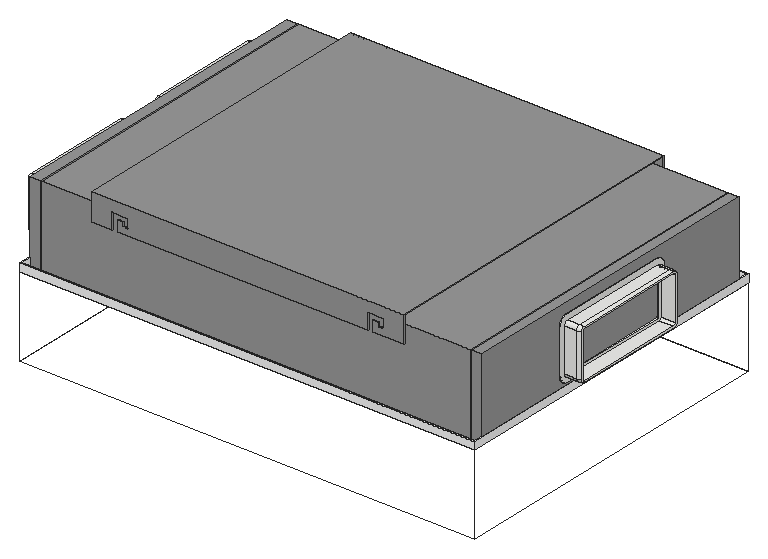
Revit family "IAQBOX-D_double_spigot2", category Duct Accessories, Revit 2015
Parameters (values of type "IAQBOX-D")
  Width = 644.8 mm
  Weight = 15.80 kg  # constant formula
  Unit Description = "Indoor Air Quality Box, Double Width"
  Type Comments = "1"
  Supplier Part No = Nuaire Model No  # "IAQBOX-D"
  OmniClass Title = "Fans"  # constant formula
  OmniClass Number = "23-33 31 19"  # constant formula
  Nuaire Model No = "IAQBOX-D"
  Manufacturer Name = "Nuaire"  # constant formula
  Location [instance] = ""
  Length = 857.81 mm
  IFCExportAs = "IfcFanType"  # constant formula
  I&M Manual = "http://nuaire.info/IandM/671811.pdf"
  Height = 152.023 mm
  Pre-Filter Grade = "None"
  Duct Connection Width = 220 mm
  Duct Connection Height = 90 mm
  Classification.Uniclass.Pr.Number = "Pr_65_67_29"  # constant formula
  Classification.Uniclass.Pr.Description = "Fans"  # constant formula
  Catalogue Pages = "http://www.nuaire.info/catalogue/Q-Aire-IAQBOX.pdf"
  Show Access Clearance [instance] = yes
  Model Drawn by = "Michael Grote"  # constant formula
  Maximum Ambient Temperature = 40 °C
  URL = "http://www.nuaire.co.uk"
  Warranty Period = "5 Years"
  Weatherproof or Internal Only = "Internal"
  Manufacturer = Manufacturer Name  # "Nuaire"
  Description = Unit Description  # "Indoor Air Quality Box, Double Width"
  Address = "Western Industrial Estate, Caerphilly, UK"  # constant formula
  Postcode = "CF83 1NA"  # constant formula
  Telephone Number = "+44(0)2920-858-200"  # constant formula
  Fax Number = "+44(0)2920-858-222"  # constant formula
  Email Address = "info@nuaire.co.uk"  # constant formula
  VAT Registration Number = "877308"  # constant formula
  Model = Nuaire Model No  # "IAQBOX-D"
Types (3, lengths in mm): name | Unit Description | Supplier Part No | Nuaire Model No | Height | Pre-Filter Grade | Description | Model
  IAQBOX-D | "Indoor Air Quality Box, Double Width" | "IAQBOX-D" | "IAQBOX-D" | 152.023 | "None" | "Indoor Air Quality Box, Double Width" | "IAQBOX-D"
  IAQBOX-D-PM10 | "Indoor Air Quality Box, Double Width with pre-Filter" | "IAQBOX-D-PM10" | "IAQBOX-D-PM10" | 151.75 | "PM10 (G4)" | "Indoor Air Quality Box, Double Width with pre-Filter" | "IAQBOX-D-PM10"
  IAQBOX-D-PM2.5 | "Indoor Air Quality Box, Double Width with pre-Filter" | "IAQBOX-D-PM2.5" | "IAQBOX-D-PM2.5" | 151.75 | "PM2.5 (F7)" | "Indoor Air Quality Box, Double Width with pre-Filter" | "IAQBOX-D-PM2.5"
Reference planes
  plane 1 "Center (Front/Back)": y = 0
  plane 2: z = 0
  plane 3 "Center (Left/Right)": x = 0
  plane 4: x = 428.905
  plane 5: x = -428.905
  plane 6: y = 322.4
  plane 7: y = -322.4
  plane 8 "Top of Unit": z = 152.023
  plane 9 "Ceiling Level": z = 170
  plane 10: z = 77.55
Forms (mm)
  Extrusion 1, solid, material "White Panels", detail levels medium+fine
    sketch origin (0, 0, 0) x (1, 0, 0) y (0, 1, 0)
      loop
        line (-428.905, 322.4) -> (-428.905, -322.4) -> (428.905, -322.4) -> (428.905, 322.4) -> (-428.905, 322.4)
    from 0 to 14
  Extrusion 2, solid, material "Steel, Galvanized"
    sketch origin (0, 0, 0) x (1, 0, 0) y (0, 1, 0)
      loop
        line (-405.655, 302.05) -> (-426.385, 302.05) -> (-426.385, -302.05) -> (-405.655, -302.05) -> (-405.655, 302.05)
    from 1.65 to 152.023
  Extrusion 3, solid, material "Steel, Galvanized", detail levels medium+fine
    sketch origin (0, 0, 0) x (0, 1, 0) y (0, 0, 1)
      loop
        line (304.83, 168.5) -> (304.83, 119.99) -> (306.329, 119.99) -> (306.329, 170) -> (-306.329, 170) -> (-306.329, 119.99) -> (-304.83, 119.99) -> (-304.83, 168.5) -> (304.83, 168.5)
    from -307.745 to 282.255
  Extrusion 4, solid, material "Steel, Galvanized"
    sketch origin (831.805, 0, 0) x (1, 0, 0) y (0, 1, 0)
      loop
        line (-405.43, 302.05) -> (-426.16, 302.05) -> (-426.16, -302.05) -> (-405.43, -302.05) -> (-405.43, 302.05)
    from 1.65 to 152.023
  Extrusion 5, solid, material "Steel, Galvanized"
    sketch origin (811.071, 0, 0) x (1, 0, 0) y (0, 1, 0)
      loop
        line (-405.426, 302.05) -> (-1216.726, 302.05) -> (-1216.726, -302.05) -> (-405.426, -302.05) -> (-405.426, 302.05)
    from 1.65 to 152.023
  Extrusion 6, void
    sketch origin (0, 0, 0) x (1, 0, 0) y (0, 0, 1)
      loop
        line (-268.255, 149.988) -> (-268.255, 119.99) -> (-258.255, 119.99) -> (-258.255, 140.013) -> (-247.995, 140.013) -> (-247.995, 133.033) -> (-237.995, 133.033) -> (-237.995, 149.988) -> (-268.255, 149.988)
      loop
        line (213.745, 149.988) -> (213.745, 119.99) -> (223.745, 119.99) -> (223.745, 140.013) -> (234.005, 140.013) -> (234.005, 133.033) -> (244.005, 133.033) -> (244.005, 149.988) -> (213.745, 149.988)
    from -341.679 to 343.801
  Extrusion 7, void
    sketch origin (0, 0, 0) x (1, 0, 0) y (0, 1, 0)
      loop
        line (-427.275, 320.75) -> (-427.275, -320.75) -> (427.25, -320.75) -> (427.25, 320.75) -> (-427.275, 320.75)
    from 1.65 to 14
  Extrusion 8, solid, material "White Panels", detail levels coarse
    sketch origin (0, 0, 0) x (1, 0, 0) y (0, 1, 0)
      loop
        line (-428.905, 322.4) -> (-428.905, -322.4) -> (428.905, -322.4) -> (428.905, 322.4) -> (-428.905, 322.4)
    from 0 to 14
  Extrusion 9, solid, material "Steel, Galvanized", detail levels coarse
    sketch origin (0, 0, 0) x (0, 1, 0) y (0, 0, 1)
      loop
        line (304.329, 168.5) -> (304.329, 119.99) -> (305.829, 119.99) -> (305.829, 170) -> (-305.829, 170) -> (-305.829, 119.99) -> (-304.329, 119.99) -> (-304.329, 168.5) -> (304.329, 168.5)
    from -307.745 to 282.255
  Extrusion 10, solid, material "Access Clearance", visible <- "Show Access Clearance"
    sketch origin (0, 0, 0) x (1, 0, 0) y (0, 1, 0)
      loop
        line (-428.905, 322.4) -> (-428.905, -322.4) -> (428.905, -322.4) -> (428.905, 322.4) -> (-428.905, 322.4)
    from 0 to -151.8
Cuts and joins
  Extrusion 6, Extrusion 7 cuts Extrusion 3
  Extrusion 7 cuts Extrusion 1
Dimensions and locks
  equal spacing: plane 5, plane 3 "Center (Left/Right)", plane 4
  "Length": plane 5 to plane 4
  equal spacing: plane 6, plane 1 "Center (Front/Back)", plane 7
  "Width": plane 6 to plane 7
  "Height": plane 8 "Top of Unit" to plane 2
  aligned and locked: level to plane 2
  aligned and locked: Extrusion 1 sketch curve to plane 6
  aligned and locked: Extrusion 1 sketch curve to plane 5
  aligned and locked: Extrusion 1 sketch curve to plane 7
  aligned and locked: Extrusion 1 sketch curve to plane 4
  aligned and locked: Extrusion 10 sketch curve to plane 6
  aligned and locked: Extrusion 10 sketch curve to plane 5
  aligned and locked: Extrusion 10 sketch curve to plane 7
  aligned and locked: Extrusion 10 sketch curve to plane 4
Automatic sketch dimensions
  Extrusion 2 sketch curve to plane 5 = 2.52 mm
  Extrusion 2 sketch curve to plane 7 = 20.35 mm
  Extrusion 2 sketch curve to Extrusion 2 sketch curve = 20.73 mm
  Extrusion 2 sketch curve to plane 6 = 20.35 mm
  Extrusion 3 sketch curve to plane 9 "Ceiling Level" = 0 mm
  Extrusion 3 sketch curve to plane 7 = 16.071 mm
  Extrusion 3 sketch curve to plane 8 "Top of Unit" = 32.032 mm  (x2)
  Extrusion 3 sketch curve to Extrusion 3 sketch curve = 1.5 mm  (x2)
  Extrusion 3 sketch curve to plane 9 "Ceiling Level" = 1.5 mm
  Extrusion 3 sketch curve to plane 6 = 17.57 mm
  Extrusion 4 sketch curve to plane 4 = 23.26 mm
  Extrusion 4 sketch curve to plane 4 = 2.53 mm
  Extrusion 4 sketch curve to plane 7 = 20.35 mm
  Extrusion 4 sketch curve to plane 6 = 20.35 mm
  Extrusion 5 sketch curve to plane 5 = 23.25 mm
  Extrusion 5 sketch curve to plane 7 = 20.35 mm
  Extrusion 5 sketch curve to plane 4 = 23.26 mm
  Extrusion 5 sketch curve to plane 6 = 20.35 mm
  Extrusion 6 sketch curve to plane 8 "Top of Unit" = 32.032 mm  (x2)
  Extrusion 6 sketch curve to plane 5 = 160.65 mm
  Extrusion 6 sketch curve to Extrusion 6 sketch curve = 10 mm  (x4)
  Extrusion 6 sketch curve to Extrusion 6 sketch curve = 10.26 mm  (x2)
  Extrusion 6 sketch curve to plane 8 "Top of Unit" = 2.035 mm  (x2)
  plane 3 "Center (Left/Right)" to Extrusion 6 sketch curve = 213.745 mm
  Extrusion 6 sketch curve to Extrusion 6 sketch curve = 13.043 mm
  Extrusion 6 sketch curve to plane 8 "Top of Unit" = 18.99 mm
  Extrusion 6 sketch curve to Extrusion 6 sketch curve = 6.981 mm  (x2)
  Extrusion 7 sketch curve to plane 5 = 1.63 mm
  Extrusion 7 sketch curve to plane 7 = 1.65 mm
  Extrusion 7 sketch curve to plane 4 = 1.655 mm
  Extrusion 7 sketch curve to plane 6 = 1.65 mm
  Extrusion 8 sketch curve to plane 5 = 0 mm
  Extrusion 8 sketch curve to plane 4 = 0 mm
  plane 7 to Extrusion 8 sketch curve = 0 mm
  Extrusion 8 sketch curve to plane 6 = 0 mm
  Extrusion 9 sketch curve to plane 9 "Ceiling Level" = 0 mm
  Extrusion 9 sketch curve to plane 7 = 16.571 mm
  Extrusion 9 sketch curve to plane 8 "Top of Unit" = 32.032 mm  (x2)
  Extrusion 9 sketch curve to Extrusion 9 sketch curve = 1.5 mm  (x2)
  Extrusion 9 sketch curve to plane 9 "Ceiling Level" = 1.5 mm
  Extrusion 9 sketch curve to plane 6 = 18.071 mm
Nested families
  nested 1: "spigot_220x90" at (-426.385, -150, 77.55) x (0, 1, 0) z (-1, 0, 0), type "spigot_220x90"
    with Spigot yes, Blanking Plate no
  nested 2: "spigot_220x90" at (426.375, 0, 77.55) x (0, -1, 0) z (1, 0, 0), type "spigot_220x90"
    with Spigot yes, Blanking Plate no
  nested 3: "label_nuaire_logo" at (0, 85, 170), type "label_nuaire_logo"
    with Scale Factor 452 mm, Actual Scale 158.2 mm
  nested 4: "label_arrow_airflow" at (10.055, -60, 170), type "label_arrow_airflow"
    with Size 167.7 mm, Scale 0.3 mm, Left Arrow yes
  nested 5: "spigot_220x90" at (-426.385, 150, 77.55) x (0, -1, 0) z (-1, 0, 0), type "spigot_220x90"
    with Spigot yes, Blanking Plate no
Connectors
  hvac at (-433.385, -150, 77.55), driven by "Duct Connection Height", driven by "Duct Connection Width"
    settings: on nested 1, index 1, duct flow 0.0 L/s, flow factor 0, pres drop 0.0 Pa, loss coef 0, conn angle 0.00°, conn width 220 mm, conn height 90 mm, conn diameter 609.6 mm, duct sys type 28, conn prof type 1, flow config 0, flow direction 0, loss method 0, conn ref index -1, conn util no, is conn primary yes, conn desc ""
  hvac at (433.375, 0, 77.55), driven by "Duct Connection Height", driven by "Duct Connection Width"
    settings: on nested 2, index 3, duct flow 0.0 L/s, flow factor 0, pres drop 0.0 Pa, loss coef 0, conn angle 0.00°, conn width 220 mm, conn height 90 mm, conn diameter 609.6 mm, duct sys type 28, conn prof type 1, flow config 0, flow direction 0, loss method 0, conn ref index -1, conn util no, is conn primary no, conn desc ""
  hvac at (-433.385, 150, 77.55), driven by "Duct Connection Height", driven by "Duct Connection Width"
    settings: on nested 5, index 4, duct flow 0.0 L/s, flow factor 0, pres drop 0.0 Pa, loss coef 0, conn angle 0.00°, conn width 220 mm, conn height 90 mm, conn diameter 609.6 mm, duct sys type 28, conn prof type 1, flow config 0, flow direction 0, loss method 0, conn ref index -1, conn util no, is conn primary no, conn desc ""
Definition of nested family "spigot_220x90"
  Parameters
    Spigot [instance] = not(Blanking Plate)  # yes
    Default Elevation = 1219.2 mm
    Blanking Plate [instance] = no
  Reference planes
    plane 1 "Center (Front/Back)": y = 0
    plane 2: z = 0
    plane 3 "Center (Left/Right)": x = 0
  Forms (mm)
    Extrusion 1, solid
      sketch origin (0, 0, 0) x (1, 0, 0) y (0, 1, 0)
        loop
          line (-1219.2, 1219.2) -> (-1219.2, -1219.2) -> (1219.2, -1219.2) -> (1219.2, 1219.2) -> (-1219.2, 1219.2)
      from 0 to -304.8
    Sweep 2, solid, visible <- "Spigot", detail levels medium+fine
      path origin (0, 0, 0) x (1, 0, 0) y (0, 1, 0)
        loop
          arc (-105.5, 57.5) -> (-117.521, 52.521) -> (-122.5, 40.5) r 17
          line (-122.5, 40.5) -> (-122.5, -40.5)
          arc (-122.5, -40.5) -> (-117.521, -52.521) -> (-105.5, -57.5) r 17
          line (-105.5, -57.5) -> (105.5, -57.5)
          arc (105.5, -57.5) -> (117.521, -52.521) -> (122.5, -40.5) r 17
          line (122.5, -40.5) -> (122.5, 40.5)
          arc (122.5, 40.5) -> (117.521, 52.521) -> (105.5, 57.5) r 17
          line (105.5, 57.5) -> (-105.5, 57.5)
      profile origin (0, 57.5, 0) x (0, 1, 0) y (0, 0, 1)
        loop
          line (-9.5, 27.5) -> (-10.624, 35.5) -> (-12.5, 35.5) -> (-12.5, 7) -> (-15.65, 7) -> (-15.65, 3.5) -> (-12.5, 3.5) -> (-12.5, 0) -> (0, 0) -> (0, 3.5) -> (-9.5, 3.5) -> (-9.5, 27.5)
    Extrusion 3, solid, visible <- "Spigot", detail levels coarse
      sketch origin (0, 0, 0) x (1, 0, 0) y (0, 1, 0)
        loop
          line (-113, 48) -> (-113, -48) -> (113, -48) -> (113, 48) -> (-113, 48)
      from 0 to 35.5
    Extrusion 4, solid, visible <- "Blanking Plate"
      sketch origin (0, 0, 0) x (1, 0, 0) y (0, 1, 0)
        loop
          line (-122.5, 57.5) -> (-122.5, -57.5) -> (122.5, -57.5) -> (122.5, 57.5) -> (-122.5, 57.5)
      from 0 to 1.5
  Dimensions and locks
    aligned and locked: plane 2 to Extrusion 1
    aligned and locked: level to Extrusion 1
Definition of nested family "label_nuaire_logo"
  Parameters
    Scale Factor [instance] = Scale * 452  # 452 mm
    Scale = 1 mm
    Actual Scale [instance] = Scale Factor * 0.35  # 158.2 mm
  Reference planes
    plane 1 "Center (Front/Back)": y = 0
    plane 2: z = 0
    plane 3 "Center (Left/Right)": x = 0
  Lines and regions (mm)
    reference lines
      curve 1: line (79.1, -32.13, 0) -> (79.1, 30, 0)
      curve 2: line (-79.1, -32.13, 0) -> (-79.1, 30, 0)
  Dimensions and locks
    equal spacing: curve 2, plane 3 "Center (Left/Right)", curve 1
    "Actual Scale": curve 2 to curve 1
    aligned and locked: level to plane 2
  Automatic sketch dimensions
    plane 1 "Center (Front/Back)" to curve 2 = 32.13 mm
    plane 1 "Center (Front/Back)" to curve 1 = 32.13 mm
    curve 2 to plane 1 "Center (Front/Back)" = 30 mm
    curve 1 to plane 1 "Center (Front/Back)" = 30 mm
  Nested families
    nested 1: "logo_stage2" at (10, 0, 0), type "logo_stage2"
  Definition of nested family "logo_stage2"
    Parameters
      Height = 452 mm
    Reference planes
      plane 1 "Center (Front/Back)": y = 0
      plane 2: z = 0
      plane 3 "Center (Left/Right)": x = 0
    Dimensions and locks
      aligned and locked: level to plane 2
    Nested families
      nested 1: "logo_stage1" at (0, 0, 0), type "logo_stage1"
    Definition of nested family "logo_stage1"
      Parameters
        Height = 1300 mm
      Reference planes
        plane 1 "Center (Front/Back)": y = 0
        plane 2: z = 0
        plane 3 "Center (Left/Right)": x = 0
      Lines and regions (mm)
        model lines
          curve 1: arc (7.927, 29.489, 0) -> (-47.363, 58.16, 0) -> (-106.604, 77.382, 0) r 378.77
          curve 2: arc (-106.604, 77.382, 0) -> (-163.216, 86.224, 0) -> (-220.277, 81.007, 0) r 233.393
          curve 3: arc (-246.965, 20.991, 0) -> (-215.043, -15.792, 0) -> (-174.42, -42.657, 0) r 179.785
          curve 4: arc (-174.42, -42.657, 0) -> (-107.072, -70.342, 0) -> (-36.955, -89.99, 0) r 623.693
          curve 5: arc (-36.955, -89.99, 0) -> (-105.996, -69.023, 0) -> (-170.812, -37.319, 0) r 451.207
          curve 6: arc (-170.812, -37.319, 0) -> (-200.304, -16.562, 0) -> (-226.197, 8.542, 0) r 230.474
          curve 7: arc (-206.815, 72.232, 0) -> (-163.659, 78.527, 0) -> (-120.226, 74.571, 0) r 185.468
          curve 8: arc (-120.226, 74.571, 0) -> (-54.126, 57.782, 0) -> (7.927, 29.489, 0) r 381.393
          curve 9: line (-161.219, -24.259, 0) -> (-141.514, -24.259, 0)
          curve 10: line (-141.514, -24.259, 0) -> (-136.798, 0, 0)
          curve 11: arc (-136.798, 0, 0) -> (-133.437, 8.115, 0) -> (-125.322, 11.477, 0) r 11.477
          curve 12: arc (-125.322, 11.477, 0) -> (-118.479, 7.762, 0) -> (-117.869, 0, 0) r 8.158
          curve 13: line (-117.869, 0, 0) -> (-122.146, -24.259, 0)
          curve 14: line (-122.146, -24.259, 0) -> (-102.441, -24.259, 0)
          curve 15: line (-102.441, -24.259, 0) -> (-97.309, 4.849, 0)
          curve 16: arc (-97.309, 4.849, 0) -> (-99.379, 18.095, 0) -> (-110.885, 24.977, 0) r 15.794
          curve 17: arc (-110.885, 24.977, 0) -> (-122.995, 23.787, 0) -> (-133.701, 18.002, 0) r 30.821
          curve 18: line (-133.701, 18.002, 0) -> (-132.598, 24.255, 0)
          curve 19: line (-161.219, -24.259, 0) -> (-152.664, 24.255, 0)
          curve 20: line (-152.664, 24.255, 0) -> (-132.598, 24.255, 0)
          curve 21: line (-80.79, 24.255, 0) -> (-86.175, -3.448, 0)
          curve 22: arc (-86.175, -3.448, 0) -> (-83.467, -16.761, 0) -> (-72.138, -24.259, 0) r 17.751
          curve 23: arc (-72.138, -24.259, 0) -> (-59.938, -25.434, 0) -> (-47.739, -24.259, 0) r 63.934
          curve 24: arc (-47.739, -24.259, 0) -> (-34.611, -17.57, 0) -> (-27.023, -4.941, 0) r 26.727
          curve 25: line (-27.023, -4.941, 0) -> (-21.348, 24.255, 0)
          curve 26: line (-21.348, 24.255, 0) -> (-41.053, 24.255, 0)
          curve 27: line (-41.053, 24.255, 0) -> (-46.093, -1.676, 0)
          curve 28: arc (-46.093, -1.676, 0) -> (-50.186, -8.91, 0) -> (-57.808, -12.224, 0) r 13.097
          curve 29: arc (-57.808, -12.224, 0) -> (-64.693, -9.158, 0) -> (-65.742, -1.695, 0) r 7.773
          curve 30: line (-65.742, -1.695, 0) -> (-61.166, 24.255, 0)
          curve 31: line (-61.166, 24.255, 0) -> (-80.79, 24.255, 0)
          curve 32: arc (31.54, 19.236, 0) -> (16.208, 25.528, 0) -> (0, 22.075, 0) r 28.07
          curve 33: arc (0, 22.075, 0) -> (-10.88, 12.774, 0) -> (-17.338, 0, 0) r 36.434
          curve 34: arc (-17.338, 0, 0) -> (-15.613, -14.796, 0) -> (-4.047, -24.183, 0) r 19.761
          curve 35: arc (-4.047, -24.183, 0) -> (10.741, -24.948, 0) -> (24.166, -18.699, 0) r 30.688
          curve 36: line (24.166, -18.699, 0) -> (23.117, -24.098, 0)
          curve 37: line (23.117, -24.098, 0) -> (43.271, -24.098, 0)
          curve 38: line (43.271, -24.098, 0) -> (51.797, 24.255, 0)
          curve 39: line (51.797, 24.255, 0) -> (32.515, 24.255, 0)
          curve 40: line (32.515, 24.255, 0) -> (31.54, 19.236, 0)
          curve 41: arc (27.176, -3.213, 0) -> (27.314, 5.536, 0) -> (19.984, 10.314, 0) r 9.053
          curve 42: arc (19.984, 10.314, 0) -> (10.965, 8.578, 0) -> (4.044, 2.54, 0) r 17.627
          curve 43: arc (4.044, 2.54, 0) -> (3.437, -5.353, 0) -> (9.873, -9.961, 0) r 8.063
          curve 44: arc (9.873, -9.961, 0) -> (19.716, -9.642, 0) -> (27.176, -3.213, 0) r 14.789
          curve 45: line (64.987, 24.255, 0) -> (85.001, 24.255, 0)
          curve 46: line (85.001, 24.255, 0) -> (76.475, -24.098, 0)
          curve 47: line (76.475, -24.098, 0) -> (56.461, -24.098, 0)
          curve 48: line (56.461, -24.098, 0) -> (64.987, 24.255, 0)
          curve 49: line (97.733, 24.255, 0) -> (117.438, 24.255, 0)
          curve 50: line (117.438, 24.255, 0) -> (116.079, 16.546, 0)
          curve 51: arc (116.079, 16.546, 0) -> (127.306, 23.283, 0) -> (140.3, 24.886, 0) r 31.571
          curve 52: line (140.3, 24.886, 0) -> (137.316, 7.965, 0)
          curve 53: arc (137.316, 7.965, 0) -> (129.144, 9.507, 0) -> (120.972, 7.965, 0) r 22.429
          curve 54: arc (120.972, 7.965, 0) -> (114.704, 2.976, 0) -> (112.337, -4.677, 0) r 13.585
          curve 55: line (112.337, -4.677, 0) -> (108.912, -24.098, 0)
          curve 56: line (108.912, -24.098, 0) -> (89.207, -24.098, 0)
          curve 57: line (89.207, -24.098, 0) -> (97.733, 24.255, 0)
          curve 58: arc (93.618, 47.57, 0) -> (74.854, 53.038, 0) -> (55.359, 51.64, 0) r 55.33
          curve 59: arc (93.618, 47.57, 0) -> (97.282, 41.659, 0) -> (93.618, 35.747, 0) r 6.601
          curve 60: arc (93.618, 35.747, 0) -> (84.065, 32.23, 0) -> (73.978, 30.85, 0) r 47.065
          curve 61: arc (73.978, 30.85, 0) -> (80.846, 32.41, 0) -> (86.601, 36.47, 0) r 18.116
          curve 62: arc (86.601, 36.47, 0) -> (88.036, 41.905, 0) -> (84.218, 46.03, 0) r 5.836
          curve 63: arc (84.218, 46.03, 0) -> (70.224, 51.08, 0) -> (55.359, 51.64, 0) r 48.391
          curve 64: line (157.905, -2.864, 0) -> (199.286, -2.864, 0)
          curve 65: arc (199.286, -2.864, 0) -> (197.145, 14.652, 0) -> (182.34, 24.255, 0) r 20.852
          curve 66: arc (182.34, 24.255, 0) -> (165.366, 23.801, 0) -> (149.457, 17.863, 0) r 51.614
          curve 67: arc (149.457, 17.863, 0) -> (140.348, 5.451, 0) -> (139.348, -9.912, 0) r 27.469
          curve 68: arc (139.348, -9.912, 0) -> (144.958, -19.523, 0) -> (155.103, -24.098, 0) r 18.276
          curve 69: arc (155.103, -24.098, 0) -> (178.591, -23.478, 0) -> (196.981, -8.856, 0) r 37.046
          curve 70: line (196.981, -8.856, 0) -> (178.291, -8.856, 0)
          curve 71: arc (178.291, -8.856, 0) -> (168.439, -13.819, 0) -> (158.586, -8.856, 0) r 12.261
          curve 72: arc (158.586, -8.856, 0) -> (157.442, -5.951, 0) -> (157.905, -2.864, 0) r 6.023
          curve 73: line (199.286, -2.864, 0) -> (157.905, -2.864, 0)
          curve 74: line (159.772, 7.114, 0) -> (183.418, 7.114, 0)
          curve 75: arc (183.418, 7.114, 0) -> (171.595, 14.487, 0) -> (159.772, 7.114, 0) r 13.165
          curve 76: arc (-206.815, 72.232, 0) -> (-234.166, 45.761, 0) -> (-226.197, 8.542, 0) r 39.242
          curve 77: arc (-220.277, 81.007, 0) -> (-248.829, 57.762, 0) -> (-246.965, 20.991, 0) r 40.723
      Dimensions and locks
        aligned and locked: level to plane 2
Definition of nested family "label_arrow_airflow"
  Parameters
    Scale [instance] = 1.469 mm
    Left Arrow [instance] = yes
    Size [instance] = Scale * 559  # 821 mm
  Reference planes
    plane 1 "Center (Front/Back)": y = 0
    plane 2: z = 0
    plane 3 "Center (Left/Right)": x = 0
  Lines and regions (mm)
    reference lines
      curve 1: line (-410.5, -70, 0) -> (-410.5, 80, 0)
      curve 2: line (410.5, -86.069, 0) -> (410.5, 63.931, 0)
  Dimensions and locks
    equal spacing: curve 1, plane 3 "Center (Left/Right)", curve 2
    "Size": curve 1 to curve 2
    aligned and locked: level to plane 2
  Automatic sketch dimensions
    plane 1 "Center (Front/Back)" to curve 2 = 86.069 mm
    plane 1 "Center (Front/Back)" to curve 1 = 70 mm
    curve 2 to plane 1 "Center (Front/Back)" = 63.931 mm
    curve 1 to plane 1 "Center (Front/Back)" = 80 mm
  Nested families
    nested 1: "airflow_stage2" at (-0.91, 0, 0), type "airflow_stage2"
      with Scale 0.003 mm
  Definition of nested family "airflow_stage2"
    Parameters
      Scale = 1 mm
      Left Arrow = yes
      Height = Scale * 546  # 546 mm
    Reference planes
      plane 1 "Center (Front/Back)": y = 0
      plane 2: z = 0
      plane 3 "Center (Left/Right)": x = 0
    Dimensions and locks
      aligned and locked: level to plane 2
    Nested families
      nested 1: "airflow_stage_1" at (0, 0, 0), type "airflow_stage_1"
    Definition of nested family "airflow_stage_1"
      Parameters
        Right Arrow = not(Left Arrow)  # no
        Left Arrow = yes
        Height = 1 mm
      Reference planes
        plane 1 "Center (Front/Back)": y = 0
        plane 2: z = 0
        plane 3 "Center (Left/Right)": x = 0
      Lines and regions (mm)
        model lines
          curve 1: arc (-154.862, 19.236, 0) -> (-170.193, 25.528, 0) -> (-186.401, 22.075, 0) r 28.07
          curve 2: arc (-186.401, 22.075, 0) -> (-197.282, 12.774, 0) -> (-203.74, 0, 0) r 36.434
          curve 3: arc (-203.74, 0, 0) -> (-202.014, -14.796, 0) -> (-190.448, -24.183, 0) r 19.761
          curve 4: arc (-190.448, -24.183, 0) -> (-175.66, -24.948, 0) -> (-162.235, -18.699, 0) r 30.688
          curve 5: line (-162.235, -18.699, 0) -> (-163.285, -24.098, 0)
          curve 6: line (-163.285, -24.098, 0) -> (-143.131, -24.098, 0)
          curve 7: line (-143.131, -24.098, 0) -> (-134.605, 24.255, 0)
          curve 8: line (-134.605, 24.255, 0) -> (-153.886, 24.255, 0)
          curve 9: line (-153.886, 24.255, 0) -> (-154.862, 19.236, 0)
          curve 10: arc (-159.225, -3.213, 0) -> (-159.088, 5.536, 0) -> (-166.418, 10.314, 0) r 9.053
          curve 11: arc (-166.418, 10.314, 0) -> (-175.436, 8.578, 0) -> (-182.357, 2.54, 0) r 17.627
          curve 12: arc (-182.357, 2.54, 0) -> (-182.965, -5.353, 0) -> (-176.528, -9.961, 0) r 8.063
          curve 13: arc (-176.528, -9.961, 0) -> (-166.685, -9.642, 0) -> (-159.225, -3.213, 0) r 14.789
          curve 14: line (-121.415, 24.255, 0) -> (-101.401, 24.255, 0)
          curve 15: line (-101.401, 24.255, 0) -> (-109.926, -24.098, 0)
          curve 16: line (-109.926, -24.098, 0) -> (-129.941, -24.098, 0)
          curve 17: line (-129.941, -24.098, 0) -> (-121.415, 24.255, 0)
          curve 18: line (-88.668, 24.255, 0) -> (-68.963, 24.255, 0)
          curve 19: line (-68.963, 24.255, 0) -> (-70.322, 16.546, 0)
          curve 20: arc (-70.322, 16.546, 0) -> (-59.096, 23.283, 0) -> (-46.102, 24.886, 0) r 31.571
          curve 21: line (-46.102, 24.886, 0) -> (-49.085, 7.965, 0)
          curve 22: arc (-49.085, 7.965, 0) -> (-57.257, 9.507, 0) -> (-65.429, 7.965, 0) r 22.429
          curve 23: arc (-65.429, 7.965, 0) -> (-71.698, 2.976, 0) -> (-74.065, -4.677, 0) r 13.585
          curve 24: line (-74.065, -4.677, 0) -> (-77.489, -24.098, 0)
          curve 25: line (-77.489, -24.098, 0) -> (-97.194, -24.098, 0)
          curve 26: line (-97.194, -24.098, 0) -> (-88.668, 24.255, 0)
          curve 27: arc (-92.783, 47.57, 0) -> (-111.548, 53.038, 0) -> (-131.043, 51.64, 0) r 55.33
          curve 28: arc (-92.783, 47.57, 0) -> (-89.119, 41.659, 0) -> (-92.783, 35.747, 0) r 6.601
          curve 29: arc (-92.783, 35.747, 0) -> (-102.337, 32.23, 0) -> (-112.423, 30.85, 0) r 47.065
          curve 30: arc (-112.423, 30.85, 0) -> (-105.555, 32.41, 0) -> (-99.8, 36.47, 0) r 18.116
          curve 31: arc (-99.8, 36.47, 0) -> (-98.365, 41.905, 0) -> (-102.184, 46.03, 0) r 5.836
          curve 32: arc (-102.184, 46.03, 0) -> (-116.177, 51.08, 0) -> (-131.043, 51.64, 0) r 48.391
          curve 33: line (161.919, 25.133, 0) -> (142.214, 25.133, 0)
          curve 34: line (142.214, 25.133, 0) -> (137.499, 0.874, 0)
          curve 35: arc (137.499, 0.874, 0) -> (134.137, -7.241, 0) -> (126.022, -10.602, 0) r 11.477
          curve 36: arc (126.022, -10.602, 0) -> (119.18, -6.887, 0) -> (118.569, 0.874, 0) r 8.158
          curve 37: line (118.569, 0.874, 0) -> (122.847, 25.133, 0)
          curve 38: line (122.847, 25.133, 0) -> (103.142, 25.133, 0)
          curve 39: line (103.142, 25.133, 0) -> (98.009, -3.975, 0)
          curve 40: arc (98.009, -3.975, 0) -> (100.08, -17.221, 0) -> (111.586, -24.103, 0) r 15.794
          curve 41: line (161.919, 25.133, 0) -> (156.956, -3.013, 0)
          curve 42: line (200.992, 25.133, 0) -> (181.287, 25.133, 0)
          curve 43: line (181.287, 25.133, 0) -> (176.571, 0.874, 0)
          curve 44: line (200.992, 25.133, 0) -> (196.56, 0, 0)
          curve 45: arc (176.571, 0.874, 0) -> (173.21, -7.241, 0) -> (165.095, -10.602, 0) r 11.477
          curve 46: arc (165.095, -10.602, 0) -> (159.531, -8.411, 0) -> (156.956, -3.013, 0) r 8.158
          curve 47: arc (111.586, -24.103, 0) -> (126.091, -23.232, 0) -> (139.579, -17.822, 0) r 45.404
          curve 48: arc (139.579, -17.822, 0) -> (148.643, -22.473, 0) -> (158.62, -24.53, 0) r 37.733
          curve 49: arc (158.62, -24.53, 0) -> (182.938, -20.536, 0) -> (196.56, 0, 0) r 30.829
          curve 50: arc (86.805, 19.236, 0) -> (71.474, 25.528, 0) -> (55.265, 22.075, 0) r 28.07
          curve 51: arc (55.265, 22.075, 0) -> (44.385, 12.774, 0) -> (37.927, 0, 0) r 36.434
          curve 52: arc (37.927, 0, 0) -> (39.652, -14.796, 0) -> (51.218, -24.183, 0) r 19.761
          curve 53: arc (51.218, -24.183, 0) -> (57.27, -25.376, 0) -> (63.438, -25.335, 0) r 30.688
          curve 54: arc (91.047, -10.031, 0) -> (94.583, 5.422, 0) -> (86.805, 19.236, 0) r 21.983
          curve 55: arc (91.047, -10.031, 0) -> (79.171, -21.161, 0) -> (63.438, -25.335, 0) r 33.311
          curve 56: arc (74.779, 7.65, 0) -> (67.998, 10.433, 0) -> (60.829, 8.906, 0) r 12.414
          curve 57: arc (60.829, 8.906, 0) -> (56.017, 4.793, 0) -> (53.161, -0.857, 0) r 16.114
          curve 58: arc (53.161, -0.857, 0) -> (53.924, -7.401, 0) -> (59.04, -11.552, 0) r 8.74
          curve 59: arc (59.04, -11.552, 0) -> (61.716, -12.08, 0) -> (64.444, -12.062, 0) r 13.573
          curve 60: arc (76.655, -5.293, 0) -> (78.219, 1.541, 0) -> (74.779, 7.65, 0) r 9.722
          curve 61: arc (76.655, -5.293, 0) -> (71.402, -10.216, 0) -> (64.444, -12.062, 0) r 14.733
          curve 62: line (18.362, 51.342, 0) -> (38.376, 51.342, 0)
          curve 63: line (38.376, 51.342, 0) -> (25.074, -24.098, 0)
          curve 64: line (25.074, -24.098, 0) -> (5.059, -24.098, 0)
          curve 65: line (5.059, -24.098, 0) -> (18.362, 51.342, 0)
          curve 66: line (6.141, 24.886, 0) -> (3.157, 7.965, 0)
          curve 67: arc (3.157, 7.965, 0) -> (-5.015, 9.507, 0) -> (-13.187, 7.965, 0) r 22.429
          curve 68: arc (-13.187, 7.965, 0) -> (-18.007, 4.753, 0) -> (-21.051, -0.175, 0) r 13.585
          curve 69: line (-24.7, -20.998, 0) -> (-30.815, -55.675, 0)
          curve 70: line (-30.815, -55.675, 0) -> (-50.52, -55.675, 0)
          curve 71: line (-50.52, -55.675, 0) -> (-40.689, 0.078, 0)
          curve 72: arc (6.141, 24.886, 0) -> (-22.379, 22.118, 0) -> (-40.689, 0.078, 0) r 37.646
          curve 73: line (1.303, 0, 0) -> (-1.68, -16.921, 0)
          curve 74: arc (-1.68, -16.921, 0) -> (-13.763, -15.723, 0) -> (-24.7, -20.998, 0) r 22.429
          curve 75: arc (1.303, 0, 0) -> (-9.887, 1.61, 0) -> (-21.051, -0.175, 0) r 37.646
        model lines, visible <- "Right Arrow"
          curve 76: line (50, 46.342, 0) -> (175, 46.342, 0)
          curve 77: line (175, 46.342, 0) -> (175, 76.342, 0)
          curve 78: line (175, 76.342, 0) -> (280.076, 0, 0)
          curve 79: line (-15, -46.342, 0) -> (175, -46.342, 0)
          curve 80: line (175, -46.342, 0) -> (175, -76.342, 0)
          curve 81: line (175, -76.342, 0) -> (280.076, 0, 0)
          curve 89: line (1.881, 46.342, 0) -> (-53.119, 46.342, 0)
          curve 90: line (-65.458, -46.342, 0) -> (-120.458, -46.342, 0)
        model lines, visible <- "Left Arrow"
          curve 82: line (1.881, 46.342, 0) -> (-78.803, 46.342, 0)
          curve 83: line (-63.661, -46.342, 0) -> (-170.834, -46.342, 0)
          curve 84: line (-170.834, 46.342, 0) -> (-170.834, 76.342, 0)
          curve 85: line (-170.834, 76.342, 0) -> (-275.91, 0, 0)
          curve 86: line (-170.834, -46.342, 0) -> (-170.834, -76.342, 0)
          curve 87: line (-170.834, -76.342, 0) -> (-275.91, 0, 0)
          curve 88: line (-170.834, 46.342, 0) -> (-142.669, 46.342, 0)
          curve 91: line (50, 46.342, 0) -> (100, 46.342, 0)
          curve 92: line (-17.339, -46.342, 0) -> (32.661, -46.342, 0)
      Dimensions and locks
        aligned and locked: level to plane 2
